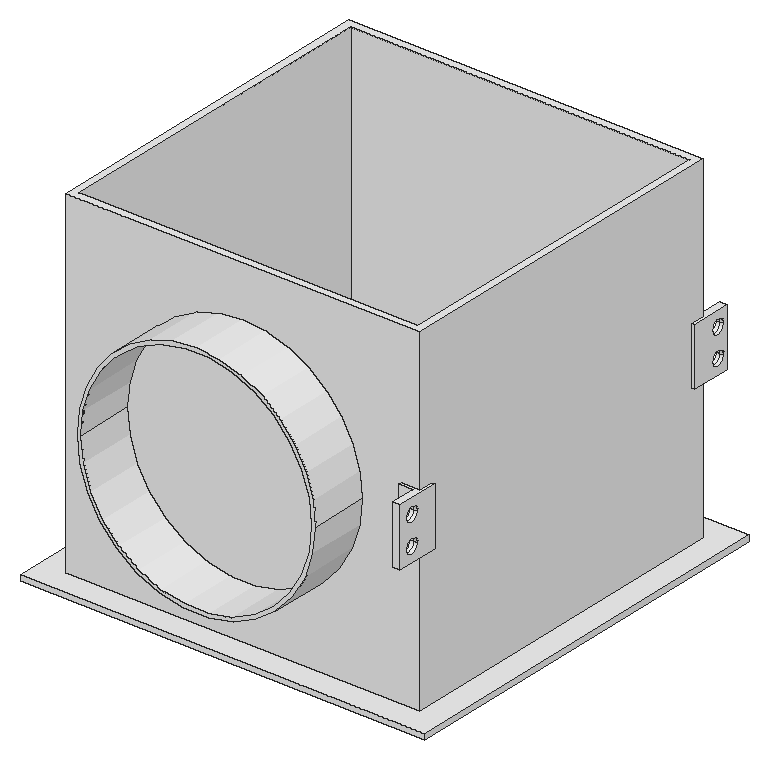
Revit family "Ceiling-Fan_VCDD-030C_Carnes", category Mechanical Equipment, host Ceiling, Revit 2012
Parameters
  ecoScorecard_data = ""
  ecoScorecard Product Page = "http://ecoscorecard.com/"
  Warranty URL = "http://www.carnes.com/GeneralCatalogs/termcond.pdf"
  Housing = Aluminum-Carnes-Spun-Brushed
  URL = "http://www.carnes.com/index.html"
  Specifications URL = ""
  Product Page URL = "http://www.carnes.com/ventilation/vcdd-vcdk.htm"
  Parts List URL = "http://www.carnes.com/ventilation/pdf/22005.pdf"
  Outer Radius = Duct Radius + 0' 0 1/8"  # 0' - 4 1/8"
  Model = "VCDD 030C"  # constant formula
  Material = ""
  Manufacturer Toll Free Phone = ""
  Manufacturer Phone = "608-845-6411"  # constant formula
  Manufacturer Fax = "608-845-6470"  # constant formula
  Manufacturer Email = "mailto:carnes@carnes.com"
  Manufacturer Address = "448 S. Main St., P. O. Box 930040, Verona, WI 53593-0040"  # constant formula
  Manufacturer = "CARNES COMPANY"  # constant formula
  IOM Instructions URL = "http://www.carnes.com/ventilation/pdf/11235.pdf"
  Grill Size = "14 x 14"
  Grill Depth = 0' - 0 3/8"
  Duct Radius = 0' - 4"
  Duct Connector = "8\""
  Description = "Ceiling Ventilators"  # constant formula
  Cost Info = "mailto:carnes@carnes.com"
  Catalog URL = "http://www.carnes.com/ventilation/pdf/C269-C295.pdf"
  Box Size = "12-1/4 x 12-1/4"
  Box Depth = 0' - 11 3/4"
  Assembly Code = "D3040200"
  95 CSI = "15850"  # constant formula
  04 CSI = "23 37 13"  # constant formula
Reference planes (in)
  plane 1 "Center (Front/Back)": y = 0
  plane 2 "Ceiling": z = 96
  plane 3 "Center (Left/Right)": x = 0
  plane 4: y = 6.125
  plane 5: x = -6.125
  plane 6: y = -6.125
  plane 7: x = 6.125
  plane 8: z = 95.625
  plane 9: z = 107.75
  plane 10: y = 7
  plane 11: x = -7
  plane 12: y = -7
  plane 13: x = 7
  plane 14: y = 5.875
Forms (in)
  Sweep 1, solid, material "Aluminum-Carnes-Spun-Brushed" <- "Housing", detail levels fine
    path origin (0, 0, 96) x (0, -1, 0) y (1, 0, 0)
      loop
        line (-6.125, -6.125) -> (6.125, -6.125) -> (6.125, 6.125) -> (-6.125, 6.125) -> (-6.125, -6.125)
    profile origin (0, 6.125, 96) x (0, 1, 0) y (0, 0, 1)
      loop
        line (0, 11.75) -> (-0.25, 11.75) -> (-0.25, 0) -> (0, 0) -> (0, 11.75)
  Extrusion 2, solid, material "Aluminum-Carnes-Spun-Brushed" <- "Housing", detail levels fine
    sketch origin (0, 0, 96) x (0, 1, 0) y (0, 0, 1)
      loop
        line (-5.625, 4.875) -> (-5.625, 6.875) -> (-7.125, 6.875) -> (-7.125, 4.875) -> (-5.625, 4.875)
      loop
        line (7, 6.875) -> (5.625, 6.875) -> (5.625, 4.875) -> (7, 4.875) -> (7, 6.875)
      loop
        circle (-6.625, 5.38243) r 0.25
      loop
        circle (-6.625, 6.36757) r 0.25
      loop
        circle (6.625, 5.38243) r 0.25
      loop
        circle (6.625, 6.36757) r 0.25
    from 6.125 to 6.25
  Extrusion 3, solid, material "Aluminum-Carnes-Spun-Brushed" <- "Housing", detail levels fine
    sketch origin (0, 0, 96) x (0, -1, 0) y (1, 0, 0)
      loop
        line (6.125, 5.5) -> (6.25, 5.5) -> (6.25, 6) -> (7.125, 6) -> (7.125, 6.125) -> (6.125, 6.125) -> (6.125, 5.5)
      loop
        line (-6.125, 5.5) -> (-6.125, 6.125) -> (-7, 6.125) -> (-7, 6) -> (-6.25, 6) -> (-6.25, 5.5) -> (-6.125, 5.5)
    from 6.875 to 4.875
  Extrusion 4, void
    sketch origin (0, 0, 96) x (0, 1, 0) y (0, 0, 1)
      loop
        circle (6.625, 5.38243) r 0.25
      loop
        circle (6.625, 6.36757) r 0.25
      loop
        circle (-6.625, 5.38243) r 0.25
      loop
        circle (-6.625, 6.36757) r 0.25
    from 5.875 to 6.25
  Extrusion 5, solid, material "Aluminum-Carnes-Spun-Brushed" <- "Housing", detail levels fine
    sketch origin (0, 0, 96) x (1, 0, 0) y (0, 0, 1)
      loop
        circle (0, 5.875) r 4
      loop
        circle (0, 5.875) r 4.125
    from 6.125 to 8.125
Cuts and joins
  Extrusion 4 cuts Extrusion 2
  Extrusion 4 cuts Extrusion 3
  joined: Extrusion 2, Extrusion 3
Lines and regions (in)
  Opening 1
    outline origin (-60, 60, 97) x (-1, 0, 0) y (0, -1, 0)
      loop
        line (-53, 53) -> (-53, 67) -> (-67, 67) -> (-67, 53) -> (-53, 53)
  model lines, detail levels coarse+medium
    curve 1: line (7, 7, 96) -> (7, -7, 96)
    curve 2: line (7, 7, 96) -> (-7, 7, 96)
    curve 3: line (-7, 7, 96) -> (-7, -7, 96)
    curve 4: line (-4.125, -8.125, 96) -> (4.125, -8.125, 96)
    curve 5: line (4.125, -7, 96) -> (4.125, -8.125, 96)
    curve 6: line (-4.125, -8.125, 96) -> (-4.125, -7, 96)
    curve 7: line (-4.125, -7, 96) -> (-7, -7, 96)
    curve 8: line (7, -7, 96) -> (4.125, -7, 96)
Dimensions and locks (in)
  equal spacing: host sketch curve, plane 3 "Center (Left/Right)", host sketch curve
  equal spacing: host sketch curve, plane 1 "Center (Front/Back)", host sketch curve
  host sketch curve to host sketch curve = 10' - 0"  (x2)
  equal spacing: plane 5, plane 3 "Center (Left/Right)", plane 7
  plane 5 to plane 7 = 1' - 0 1/4"
  equal spacing: plane 4, plane 1 "Center (Front/Back)", plane 6
  plane 4 to plane 6 = 1' - 0 1/4"
  "Grill Depth": plane 2 "Ceiling" to plane 8
  "Box Depth": plane 9 to plane 2 "Ceiling"
  equal spacing: plane 10, plane 1 "Center (Front/Back)", plane 12
  plane 10 to plane 12 = 1' - 2"
  equal spacing: plane 11, plane 3 "Center (Left/Right)", plane 13
  plane 11 to plane 13 = 1' - 2"
  locked: Extrusion 3 sketch curve to Extrusion 3 sketch curve at 0.5
  "Duct Radius": radius of Extrusion 5 sketch curve
  "Outer Radius": radius of Extrusion 5 sketch curve
  aligned and locked: Extrusion 2 sketch curve to Extrusion 2 sketch curve  (x2)
  aligned and locked: Extrusion 3 to Extrusion 2
  aligned and locked: Extrusion 2 to Extrusion 3
  aligned and locked: Extrusion 4 to Extrusion 2
  aligned and locked: Extrusion 4 to Sweep 1
  aligned and locked: plane 14 to Sweep 1 sketch curve
Automatic sketch dimensions
  Sweep 1 sketch curve to plane 4 = 0' - 0"
  plane 6 to Sweep 1 sketch curve = 0' - 0"
  Sweep 1 sketch curve to plane 5 = 0' - 0"
  Sweep 1 sketch curve to plane 7 = 0' - 0"
  Sweep 1 sketch curve to profile plane = 0' - 0"  (x2)
  profile plane to Sweep 1 sketch curve = 0' - 11 3/4"
  Extrusion 2 sketch curve to plane 10 = 0' - 0"
  Extrusion 2 sketch curve to plane 10 = 0' - 0 3/8"  (x2)
  Extrusion 2 sketch curve to plane 4 = 0' - 0 1/2"
  Extrusion 2 sketch curve to plane 6 = 0' - 0 1/2"
  Extrusion 2 sketch curve to plane 12 = 0' - 0 3/8"  (x2)
  plane 12 to Extrusion 2 sketch curve = 0' - 0 1/8"
  plane 2 "Ceiling" to Extrusion 2 sketch curve = 0' - 4 7/8"
  Extrusion 2 sketch curve to Extrusion 2 sketch curve = 0' - 0.50743"  (x3)
  Extrusion 2 sketch curve to Extrusion 2 sketch curve = 0' - 0.98513"  (x2)
  Extrusion 3 sketch curve to plane 7 = 0' - 0"  (x2)
  Extrusion 3 sketch curve to plane 10 = 0' - 0"
  Extrusion 3 sketch curve to plane 4 = 0' - 0"
  plane 6 to Extrusion 3 sketch curve = 0' - 0"
  plane 4 to Extrusion 3 sketch curve = 0' - 0 1/8"
  plane 6 to Extrusion 3 sketch curve = 0' - 0 1/8"
  plane 12 to Extrusion 3 sketch curve = 0' - 0 1/8"
  plane 7 to Extrusion 3 sketch curve = 0' - 0 1/8"  (x2)
  Extrusion 3 sketch curve to Extrusion 3 sketch curve = 0' - 0 1/2"
  Extrusion 4 sketch curve to Extrusion 4 sketch curve = 0' - 0"  (x8)
  Extrusion 4 sketch curve to plane 12 = 0' - 0 1/8"  (x2)
  Extrusion 4 sketch curve to Extrusion 4 sketch curve = 0' - 0 1/4"  (x4)
  plane 4 to Extrusion 4 sketch curve = 0' - 0 1/4"  (x2)
  plane 2 "Ceiling" to Extrusion 4 sketch curve = 0' - 5.38243"  (x2)
  Extrusion 4 sketch curve to Extrusion 4 sketch curve = 0' - 0.98513"  (x2)
  Extrusion 5 sketch curve to Extrusion 5 sketch curve = 0' - 0"  (x2)
  plane 5 to Extrusion 5 sketch curve = 0' - 2"
  plane 2 "Ceiling" to Extrusion 5 sketch curve = 0' - 5 7/8"
  Opening 1 sketch curve to plane 13 = 0' - 0"
  Opening 1 sketch curve to plane 10 = 0' - 0"
  plane 11 to Opening 1 sketch curve = 0' - 0"
  plane 12 to Opening 1 sketch curve = 0' - 0"
  curve 3 to plane 11 = 0' - 0"
  plane 12 to curve 6 = 0' - 0"
  curve 2 to plane 10 = 0' - 0"
  curve 2 to plane 13 = 0' - 0"
  plane 5 to curve 4 = 0' - 2"
  plane 7 to curve 5 = 0' - 2"
  curve 5 to curve 5 = 0' - 1 1/8"
  plane 12 to curve 1 = 0' - 0"
  radius of Extrusion 2 sketch curve = 0' - 0 1/4"  (x4)
Nested families (in)
  nested 1: "Grill 1" at (0, 0, 95.625), type "Grill 1", detail levels fine
Definition of nested family "Grill 1"
  Parameters (values of type "Grill 1")
    Width = 1' - 2"
    Height = 0' - 0 3/8"
    Grill = Aluminum-Carnes-Spun-Brushed
    Depth = 1' - 2"
    Default Elevation = 4' - 0"
    Assembly Code = ""
  Reference planes (in)
    plane 1 "Center (Front/Back)": y = 0
    plane 2: z = 0
    plane 3 "Center (Left/Right)": x = 0
    plane 4: x = -7
    plane 5: x = 7
    plane 6: y = 7
    plane 7: y = -7
    plane 8: z = 0.375
  Forms (in)
    Sweep 1, solid, material "Aluminum-Carnes-Spun-Brushed" <- "Grill"
      path origin (0, 0, 0) x (1, 0, 0) y (0, 1, 0)
        loop
          line (-7, 7) -> (-7, -7) -> (7, -7) -> (7, 7) -> (-7, 7)
      profile origin (0, 7, 0) x (0, 1, 0) y (0, 0, 1)
        loop
          line (0, 0.375) -> (-1, 0.375) -> (-1, 0) -> (-0.54372, 0) -> (0, 0.1875) -> (0, 0.375)
    Sweep 2, solid, material "Aluminum-Carnes-Spun-Brushed" <- "Grill"
      path in 3D
        loop
          line (-6, 6, 0.375) -> (6, 6, 0.375) -> (6, -6, 0.375) -> (-6, -6, 0.375) -> (-6, 6, 0.375)
      profile origin (-6, 0, 0.375) x (-1, 0, 0) y (0, 0, 1)
        loop
          line (-0.25, -0.1875) -> (-0.25, 0) -> (-0.5, 0) -> (-0.5, -0.375) -> (-0.375, -0.375) -> (-0.25, -0.1875)
    Sweep 3, solid, material "Aluminum-Carnes-Spun-Brushed" <- "Grill"
      path in 3D
        loop
          line (5.5, 5.5, 0.375) -> (5.5, -5.5, 0.375) -> (-5.5, -5.5, 0.375) -> (-5.5, 5.5, 0.375) -> (5.5, 5.5, 0.375)
      profile origin (0, 5.5, 0.375) x (0, 1, 0) y (0, 0, 1)
        loop
          line (-0.25, -0.1875) -> (-0.25, 0) -> (-0.5, 0) -> (-0.5, -0.375) -> (-0.375, -0.375) -> (-0.25, -0.1875)
    Sweep 4, solid, material "Aluminum-Carnes-Spun-Brushed" <- "Grill"
      path in 3D
        loop
          line (5, 5, 0.375) -> (5, -5, 0.375) -> (-5, -5, 0.375) -> (-5, 5, 0.375) -> (5, 5, 0.375)
      profile origin (0, 5, 0.375) x (0, 1, 0) y (0, 0, 1)
        loop
          line (-0.25, -0.1875) -> (-0.25, 0) -> (-0.5, 0) -> (-0.5, -0.375) -> (-0.375, -0.375) -> (-0.25, -0.1875)
    Sweep 5, solid, material "Aluminum-Carnes-Spun-Brushed" <- "Grill"
      path in 3D
        loop
          line (4.5, 4.5, 0.375) -> (4.5, -4.5, 0.375) -> (-4.5, -4.5, 0.375) -> (-4.5, 4.5, 0.375) -> (4.5, 4.5, 0.375)
      profile origin (0, 4.5, 0.375) x (0, 1, 0) y (0, 0, 1)
        loop
          line (-0.25, -0.1875) -> (-0.25, 0) -> (-0.5, 0) -> (-0.5, -0.375) -> (-0.375, -0.375) -> (-0.25, -0.1875)
    Sweep 6, solid, material "Aluminum-Carnes-Spun-Brushed" <- "Grill"
      path in 3D
        loop
          line (-4, 4, 0.375) -> (4, 4, 0.375) -> (4, -4, 0.375) -> (-4, -4, 0.375) -> (-4, 4, 0.375)
      profile origin (-4, 0, 0.375) x (-1, 0, 0) y (0, 0, 1)
        loop
          line (-0.25, -0.1875) -> (-0.25, 0) -> (-0.5, 0) -> (-0.5, -0.375) -> (-0.375, -0.375) -> (-0.25, -0.1875)
    Sweep 7, solid, material "Aluminum-Carnes-Spun-Brushed" <- "Grill"
      path in 3D
        loop
          line (-3.5, 3.5, 0.375) -> (3.5, 3.5, 0.375) -> (3.5, -3.5, 0.375) -> (-3.5, -3.5, 0.375) -> (-3.5, 3.5, 0.375)
      profile origin (-3.5, 0, 0.375) x (-1, 0, 0) y (0, 0, 1)
        loop
          line (-0.5, -0.375) -> (-0.5, 0) -> (-0.75, 0) -> (-0.75, -0.375) -> (-0.5, -0.375)
    Extrusion 8, solid, material "Aluminum-Carnes-Spun-Brushed" <- "Grill"
      sketch origin (0, 0, 0) x (1, 0, 0) y (0, 1, 0)
        loop
          line (-2.75, 2.75) -> (-2.75, -2.75) -> (2.75, -2.75) -> (2.75, 2.75) -> (-2.75, 2.75)
      from 0 to 0.375
    Extrusion 9, solid, material "Aluminum-Carnes-Spun-Brushed" <- "Grill"
      sketch origin (0, 0, 0) x (1, 0, 0) y (0, 1, 0)
        loop
          line (-0.125, 3) -> (0.125, 3) -> (0.125, 3.5) -> (-0.125, 3.5) -> (-0.125, 3)
        loop
          line (0.125, 6) -> (-0.125, 6) -> (-0.125, 5.75) -> (0.125, 5.75) -> (0.125, 6)
        loop
          line (-0.125, 5.5) -> (-0.125, 5.25) -> (0.125, 5.25) -> (0.125, 5.5) -> (-0.125, 5.5)
        loop
          line (-0.125, 5) -> (-0.125, 4.75) -> (0.125, 4.75) -> (0.125, 5) -> (-0.125, 5)
        loop
          line (-0.125, 4.5) -> (-0.125, 4.25) -> (0.125, 4.25) -> (0.125, 4.5) -> (-0.125, 4.5)
        loop
          line (-0.125, 4) -> (-0.125, 3.75) -> (0.125, 3.75) -> (0.125, 4) -> (-0.125, 4)
      from 0 to 0.375
    Extrusion 10, solid, material "Aluminum-Carnes-Spun-Brushed" <- "Grill"
      sketch origin (0, 0, 0) x (1, 0, 0) y (0, 1, 0)
        loop
          line (6, -0.125) -> (6, 0.125) -> (5.75, 0.125) -> (5.75, -0.125) -> (6, -0.125)
        loop
          line (5.5, 0.125) -> (5.25, 0.125) -> (5.25, -0.125) -> (5.5, -0.125) -> (5.5, 0.125)
        loop
          line (5, 0.125) -> (4.75, 0.125) -> (4.75, -0.125) -> (5, -0.125) -> (5, 0.125)
        loop
          line (4.5, 0.125) -> (4.25, 0.125) -> (4.25, -0.125) -> (4.5, -0.125) -> (4.5, 0.125)
        loop
          line (4, 0.125) -> (3.75, 0.125) -> (3.75, -0.125) -> (4, -0.125) -> (4, 0.125)
        loop
          line (3.5, 0.125) -> (3, 0.125) -> (3, -0.125) -> (3.5, -0.125) -> (3.5, 0.125)
      from 0 to 0.375
    Extrusion 11, solid, material "Aluminum-Carnes-Spun-Brushed" <- "Grill"
      sketch origin (0, 0, 0) x (1, 0, 0) y (0, 1, 0)
        loop
          line (-6, 0.125) -> (-6, -0.125) -> (-5.75, -0.125) -> (-5.75, 0.125) -> (-6, 0.125)
        loop
          line (-3, -0.125) -> (-3, 0.125) -> (-3.5, 0.125) -> (-3.5, -0.125) -> (-3, -0.125)
        loop
          line (-5.5, -0.125) -> (-5.25, -0.125) -> (-5.25, 0.125) -> (-5.5, 0.125) -> (-5.5, -0.125)
        loop
          line (-5, -0.125) -> (-4.75, -0.125) -> (-4.75, 0.125) -> (-5, 0.125) -> (-5, -0.125)
        loop
          line (-4.5, -0.125) -> (-4.25, -0.125) -> (-4.25, 0.125) -> (-4.5, 0.125) -> (-4.5, -0.125)
        loop
          line (-4, -0.125) -> (-3.75, -0.125) -> (-3.75, 0.125) -> (-4, 0.125) -> (-4, -0.125)
      from 0 to 0.375
    Extrusion 12, solid, material "Aluminum-Carnes-Spun-Brushed" <- "Grill"
      sketch origin (0, 0, 0) x (1, 0, 0) y (0, 1, 0)
        loop
          line (-0.125, -6) -> (0.125, -6) -> (0.125, -5.75) -> (-0.125, -5.75) -> (-0.125, -6)
        loop
          line (0.125, -3) -> (-0.125, -3) -> (-0.125, -3.5) -> (0.125, -3.5) -> (0.125, -3)
        loop
          line (0.125, -5.5) -> (0.125, -5.25) -> (-0.125, -5.25) -> (-0.125, -5.5) -> (0.125, -5.5)
        loop
          line (0.125, -5) -> (0.125, -4.75) -> (-0.125, -4.75) -> (-0.125, -5) -> (0.125, -5)
        loop
          line (0.125, -4.5) -> (0.125, -4.25) -> (-0.125, -4.25) -> (-0.125, -4.5) -> (0.125, -4.5)
        loop
          line (0.125, -4) -> (0.125, -3.75) -> (-0.125, -3.75) -> (-0.125, -4) -> (0.125, -4)
      from 0 to 0.375
  Cuts and joins
    joined: Sweep 1, Sweep 2, Sweep 3, Sweep 4, Sweep 5, Sweep 6, Sweep 7, Extrusion 8, Extrusion 9, Extrusion 10, Extrusion 11, Extrusion 12
  Lines and regions (in)
    sketch lines
      curve 1: line (-6, -6, 0.375) -> (-6, 6, 0.375)
      curve 2: line (6, -6, 0.375) -> (-6, -6, 0.375)
      curve 3: line (6, 6, 0.375) -> (6, -6, 0.375)
      curve 4: line (-6, 6, 0.375) -> (6, 6, 0.375)
      curve 5: line (-5.5, 5.5, 0.375) -> (5.5, 5.5, 0.375)
      curve 6: line (-5.5, -5.5, 0.375) -> (-5.5, 5.5, 0.375)
      curve 7: line (5.5, -5.5, 0.375) -> (-5.5, -5.5, 0.375)
      curve 8: line (5.5, 5.5, 0.375) -> (5.5, -5.5, 0.375)
      curve 9: line (-5, 5, 0.375) -> (5, 5, 0.375)
      curve 10: line (-5, -5, 0.375) -> (-5, 5, 0.375)
      curve 11: line (5, -5, 0.375) -> (-5, -5, 0.375)
      curve 12: line (5, 5, 0.375) -> (5, -5, 0.375)
      curve 13: line (-4.5, 4.5, 0.375) -> (4.5, 4.5, 0.375)
      curve 14: line (-4.5, -4.5, 0.375) -> (-4.5, 4.5, 0.375)
      curve 15: line (4.5, -4.5, 0.375) -> (-4.5, -4.5, 0.375)
      curve 16: line (4.5, 4.5, 0.375) -> (4.5, -4.5, 0.375)
      curve 17: line (-4, -4, 0.375) -> (-4, 4, 0.375)
      curve 18: line (4, -4, 0.375) -> (-4, -4, 0.375)
      curve 19: line (4, 4, 0.375) -> (4, -4, 0.375)
      curve 20: line (-4, 4, 0.375) -> (4, 4, 0.375)
      curve 21: line (-3.5, -3.5, 0.375) -> (-3.5, 3.5, 0.375)
      curve 22: line (3.5, -3.5, 0.375) -> (-3.5, -3.5, 0.375)
      curve 23: line (3.5, 3.5, 0.375) -> (3.5, -3.5, 0.375)
      curve 24: line (-3.5, 3.5, 0.375) -> (3.5, 3.5, 0.375)
  Dimensions and locks (in)
    equal spacing: plane 6, plane 1 "Center (Front/Back)", plane 7
    equal spacing: plane 4, plane 3 "Center (Left/Right)", plane 5
    "Width": plane 4 to plane 5
    "Depth": plane 6 to plane 7
    "Height": plane 8 to plane 2
    locked: profile plane to Sweep 1 sketch curve at 0.54372
    locked: plane 8 to Sweep 1 sketch curve at 0.1875
    equal spacing: Extrusion 9 sketch curve, plane 3 "Center (Left/Right)", Extrusion 9 sketch curve
    equal spacing: Extrusion 10 sketch curve, plane 1 "Center (Front/Back)", Extrusion 10 sketch curve
    aligned and locked: plane 2 to level
    aligned and locked: Sweep 1 sketch curve to plane 6
    aligned and locked: Sweep 1 sketch curve to plane 4
    aligned and locked: Sweep 1 sketch curve to plane 7
    aligned and locked: Sweep 1 sketch curve to plane 5
    aligned and locked: Sweep 1 sketch curve to profile plane
    aligned and locked: Sweep 1 sketch curve to plane 8
    aligned and locked: profile plane to Sweep 1 sketch curve
    aligned and locked: profile plane to Sweep 2 sketch curve
    aligned and locked: level to Sweep 2 sketch curve
    aligned and locked: profile plane to Sweep 3 sketch curve
    aligned and locked: level to Sweep 3 sketch curve
    aligned and locked: profile plane to Sweep 4 sketch curve
    aligned and locked: level to Sweep 4 sketch curve
    aligned and locked: profile plane to Sweep 5 sketch curve
    aligned and locked: level to Sweep 5 sketch curve
    aligned and locked: profile plane to Sweep 6 sketch curve
    aligned and locked: level to Sweep 6 sketch curve
    aligned and locked: profile plane to Sweep 7 sketch curve
    aligned and locked: level to Sweep 7 sketch curve
    aligned and locked: Extrusion 8 sketch curve to Sweep 7  (x4)
    aligned and locked: Extrusion 8 to plane 2
    aligned and locked: plane 8 to Extrusion 8
    aligned and locked: Sweep 1 to Extrusion 9 sketch curve
    aligned and locked: Sweep 2 to Extrusion 9 sketch curve  (x2)
    aligned and locked: Sweep 3 to Extrusion 9 sketch curve
    aligned and locked: Sweep 4 to Extrusion 9 sketch curve
    aligned and locked: Sweep 5 to Extrusion 9 sketch curve  (x2)
    aligned and locked: Extrusion 9 sketch curve to Extrusion 9 sketch curve  (x10)
    aligned and locked: Extrusion 9 to plane 2
    aligned and locked: plane 8 to Extrusion 9
    aligned and locked: cut or joined group 1 (Sweep 1, Sweep 2, Sweep 3, Sweep 4, Sweep 5, Sweep 6, Sweep 7, Extrusion 8, Extrusion 9, Extrusion 10, Extrusion 11, Extrusion 12) to Extrusion 10 sketch curve  (x11)
    aligned and locked: Extrusion 10 sketch curve to Extrusion 10 sketch curve  (x10)
    aligned and locked: Extrusion 10 to plane 2
    aligned and locked: plane 8 to Extrusion 10
    aligned and locked: cut or joined group 1 to Extrusion 11 sketch curve  (x12)
    aligned and locked: Extrusion 11 to plane 2
    aligned and locked: plane 8 to Extrusion 11
    aligned and locked: cut or joined group 1 to Extrusion 12 sketch curve  (x12)
    aligned and locked: Extrusion 12 to plane 2
    aligned and locked: plane 8 to Extrusion 12
  Automatic sketch dimensions
    Sweep 1 sketch curve to Sweep 1 sketch curve = 0' - 0.45628"
    profile plane to Sweep 2 sketch curve = 0' - 0 1/2"
    Sweep 2 sketch curve to Sweep 2 sketch curve = 0' - 0 1/8"
    profile plane to Sweep 2 sketch curve = 0' - 0 1/4"
    Sweep 2 sketch curve to Sweep 2 sketch curve = 0' - 0 3/16"
    profile plane to Sweep 3 sketch curve = 0' - 0 1/2"
    Sweep 3 sketch curve to Sweep 3 sketch curve = 0' - 0 1/8"
    profile plane to Sweep 3 sketch curve = 0' - 0 1/4"
    Sweep 3 sketch curve to Sweep 3 sketch curve = 0' - 0 3/16"
    profile plane to Sweep 4 sketch curve = 0' - 0 1/2"
    Sweep 4 sketch curve to Sweep 4 sketch curve = 0' - 0 1/8"
    Sweep 4 sketch curve to Sweep 4 sketch curve = 0' - 0 1/4"
    Sweep 4 sketch curve to profile plane = 0' - 0 3/16"
    profile plane to Sweep 5 sketch curve = 0' - 0 1/2"
    Sweep 5 sketch curve to Sweep 5 sketch curve = 0' - 0 1/8"
    Sweep 5 sketch curve to Sweep 5 sketch curve = 0' - 0 1/4"
    Sweep 5 sketch curve to profile plane = 0' - 0 3/16"
    profile plane to Sweep 6 sketch curve = 0' - 0 1/2"
    Sweep 6 sketch curve to Sweep 6 sketch curve = 0' - 0 1/8"
    Sweep 6 sketch curve to Sweep 6 sketch curve = 0' - 0 1/4"
    Sweep 6 sketch curve to profile plane = 0' - 0 3/16"
    profile plane to Sweep 7 sketch curve = 0' - 0 3/4"
    Sweep 7 sketch curve to Sweep 7 sketch curve = 0' - 0 1/4"
    Extrusion 9 sketch curve to plane 3 "Center (Left/Right)" = 0' - 0 1/8"
    Extrusion 10 sketch curve to plane 1 "Center (Front/Back)" = 0' - 0 1/8"
    Extrusion 10 sketch curve to Extrusion 10 sketch curve = 0' - 0 1/4"
    Extrusion 9 sketch curve to Extrusion 9 sketch curve = 0' - 0 1/4"  (x4)
    Extrusion 9 sketch curve to Extrusion 9 sketch curve = 0' - 0 1/2"
    Extrusion 11 sketch curve to plane 1 "Center (Front/Back)" = 0' - 0 1/8"  (x4)
    Extrusion 11 sketch curve to Extrusion 11 sketch curve = 0' - 0"  (x4)
    plane 1 "Center (Front/Back)" to Extrusion 11 sketch curve = 0' - 0 1/8"  (x4)
    Extrusion 12 sketch curve to plane 3 "Center (Left/Right)" = 0' - 0 1/8"  (x3)
    Extrusion 12 sketch curve to Extrusion 12 sketch curve = 0' - 0"  (x8)
    plane 3 "Center (Left/Right)" to Extrusion 12 sketch curve = 0' - 0 1/8"
